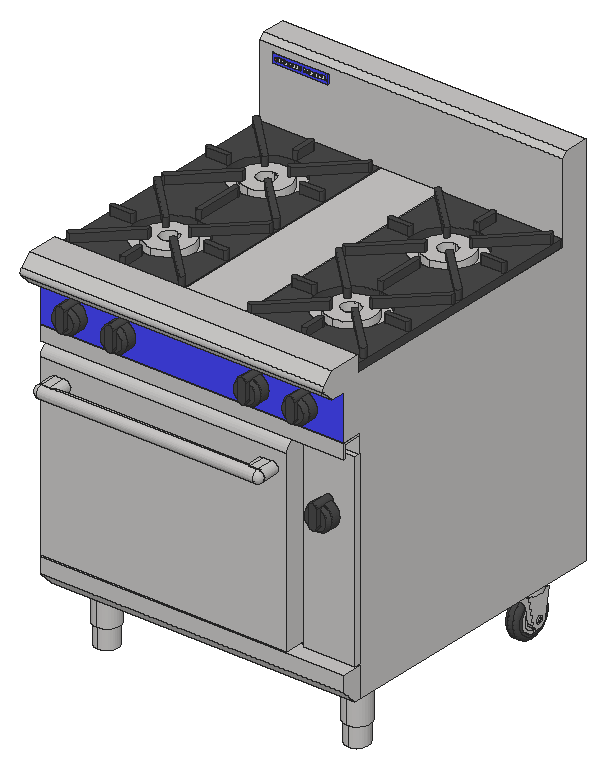
Revit family "QF_MOFFAT_BLUESEAL_CE_G505D", category Specialty Equipment, Revit 2012
Parameters
  Width = 750 mm  # constant formula
  Weight in Pounds = 401
  URL Cutsheet = "www.moffat.com"
  URL = "www.moffat.com"
  Type Mark [instance] = ""
  Status [instance] = ""
  Specification by User [instance] = ""
  Specification by Manufacturer = ""
  Show Logo [instance] = yes
  Show Clearance [instance] = yes
  Show Casters [instance] = yes
  Serial Number = ""
  Seismic Rating = ""
  SMACNA No = ""
  Revision Code [instance] = ""
  Omniclass Number and Title = ""
  NAFEM Spec ID Number = ""
  Model = "G505D"
  Mechanical Remarks [instance] = ""
  Mechanical Connection Type [instance] = ""
  Masterspec = ""
  Manufacturer = "MOFFAT BLUESEAL"
  Legs [instance] = not(Show Casters)  # no
  Item Number [instance] = ""
  Installed By [instance] = ""
  Identify Quantity as Lot [instance] = yes
  Height = 1085 mm  # constant formula
  Gas Size = 3/4"
  Gas RI Height [instance] = 0 mm
  Gas KW [instance] = 37
  Gas Input [instance] = 126000.0 Btu/h
  Gas Connection Height = 0 mm
  Furnished By [instance] = ""
  Foodservice Equipment Identifier [instance] = yes
  Description = "750MM GAS RANGE WITH STATIC OVEN"
  Depth = 812 mm  # constant formula
  CSI MasterFormat = ""
  CSI Master Format = ""
Reference planes
  plane 1 "BACK": y = 0
  plane 2: z = 0
  plane 3 "LEFT": x = 0
  plane 4 "RIGHT": x = 750
  plane 5 "FRONT": y = -812
  plane 6 "TOP": z = 970
  plane 7 "Center Y": x = 375
  plane 8 "Center X": y = -406
  plane 9: y = -100
  plane 10 "Base Height": z = 150
  plane 11: x = 65.8
  plane 12: x = 620
  plane 13: x = 685
  plane 14: x = 684.2
  plane 15: y = -500
  plane 16: x = 676
  plane 17: z = 1085
Forms (mm)
  Extrusion 1, solid, material "QF_Finishes_Stainless Steel"
    sketch origin (0, 0, 0) x (0, 1, 0) y (0, 0, 1)
      loop
        line (-784.97, 850) -> (-749, 850) -> (-749, 740) -> (-699, 740) -> (-699, 150) -> (0, 150) -> (0, 1085) -> (-57.5, 1085) -> (-70, 1072.5) -> (-70, 875) -> (-705, 875) -> (-705, 915) -> (-783.97, 915) -> (-808.469, 890.501)
        arc (-808.469, 890.501) -> (-811.99, 882) -> (-808.469, 873.499) r 12.022
        line (-808.469, 873.499) -> (-784.97, 850)
    from 0 to 750
  Extrusion 2, solid, material "QF_Finishes_Stainless Steel"
    sketch origin (555.062, 3, 100) x (1, 0, 0) y (0, 1, 0)
      loop
        circle (65, -35) r 13.5
    from 555 to 640
  Revolve 3, solid, material "QF_Finishes_Stainless Steel"
    sketch origin (65, -728, 0) x (0, 1, 0) y (0, 0, 1)
      loop
        line (71.25, 150) -> (71.25, 50) -> (75.5, 50) -> (75.5, 0) -> (103, 0) -> (103, 150) -> (71.25, 150)
      axis (103, 150) -> (103, 0)
    angle from 0 to 360
  Extrusion 4, solid, material "QF_Finishes_Black"
    sketch origin (0, -70, 875) x (0, -1, 0) y (1, 0, 0)
      loop
        arc (1, 4) -> (1.879, 1.879) -> (4, 1) r 3
        line (4, 1) -> (632, 1)
        arc (632, 1) -> (634.121, 1.879) -> (635, 4) r 3
        line (635, 4) -> (635, 297)
        arc (635, 297) -> (634.121, 299.121) -> (632, 300) r 3
        line (632, 300) -> (4, 300)
        arc (4, 300) -> (1.879, 299.121) -> (1, 297) r 3
        line (1, 297) -> (1, 4)
      loop
        circle (167.5, 150) r 85
      loop
        circle (467.768, 150) r 85
    from 0 to 19.5
  Extrusion 5, solid, material "QF_Finishes_Black"
    sketch origin (0, -73.5, 894.5) x (0, -1, 0) y (1, 0, 0)
      loop
        spline (323.602, 15.153) -> (322.681, 13.924) -> (322.131, 12.47) -> (321.99, 10.89) -> (322.267, 9.292) -> (322.943, 7.786) -> (323.973, 6.473) -> (325.286, 5.443) -> (326.792, 4.767) -> (328.39, 4.49) -> (329.97, 4.631) -> (331.424, 5.181) -> (332.653, 6.102)
        line (332.653, 6.102) -> (440.576, 114.025)
        spline (440.576, 114.025) -> (441.337, 115.095) -> (441.738, 116.399) -> (441.751, 117.851) -> (441.375, 119.35) -> (440.637, 120.795) -> (439.586, 122.086) -> (438.295, 123.137) -> (436.85, 123.875) -> (435.351, 124.251) -> (433.899, 124.238) -> (432.595, 123.837) -> (431.525, 123.076)
        line (431.525, 123.076) -> (323.602, 15.153)
      loop
        spline (371.852, 143.6) -> (373.146, 143.818) -> (374.352, 144.457) -> (375.388, 145.475) -> (376.182, 146.8) -> (376.682, 148.344) -> (376.852, 150) -> (376.682, 151.656) -> (376.182, 153.2) -> (375.388, 154.525) -> (374.352, 155.543) -> (373.146, 156.182) -> (371.852, 156.4)
        line (371.852, 156.4) -> (259.398, 156.4)
        spline (259.398, 156.4) -> (258.104, 156.182) -> (256.898, 155.543) -> (255.862, 154.525) -> (255.068, 153.2) -> (254.568, 151.656) -> (254.398, 150) -> (254.568, 148.344) -> (255.068, 146.8) -> (255.862, 145.475) -> (256.898, 144.457) -> (258.104, 143.818) -> (259.398, 143.6)
        line (259.398, 143.6) -> (371.852, 143.6)
      loop
        line (311.398, 15.153) -> (203.475, 123.076)
        spline (203.475, 123.076) -> (202.405, 123.837) -> (201.101, 124.238) -> (199.649, 124.251) -> (198.15, 123.875) -> (196.705, 123.137) -> (195.414, 122.086) -> (194.363, 120.795) -> (193.625, 119.35) -> (193.249, 117.851) -> (193.262, 116.399) -> (193.663, 115.095) -> (194.424, 114.025)
        line (194.424, 114.025) -> (302.347, 6.102)
        spline (302.347, 6.102) -> (303.416, 5.341) -> (304.721, 4.941) -> (306.172, 4.928) -> (307.671, 5.303) -> (309.116, 6.041) -> (310.408, 7.092) -> (311.459, 8.384) -> (312.197, 9.829) -> (312.572, 11.328) -> (312.559, 12.779) -> (312.159, 14.084) -> (311.398, 15.153)
      loop
        line (323.602, 284.847) -> (431.525, 176.924)
        spline (431.525, 176.924) -> (432.595, 176.163) -> (433.899, 175.762) -> (435.351, 175.749) -> (436.85, 176.125) -> (438.295, 176.863) -> (439.586, 177.914) -> (440.637, 179.205) -> (441.375, 180.65) -> (441.751, 182.149) -> (441.738, 183.601) -> (441.337, 184.905) -> (440.576, 185.975)
        line (440.576, 185.975) -> (332.653, 293.898)
        spline (332.653, 293.898) -> (331.424, 294.819) -> (329.97, 295.369) -> (328.39, 295.51) -> (326.792, 295.233) -> (325.286, 294.557) -> (323.973, 293.527) -> (322.943, 292.214) -> (322.267, 290.708) -> (321.99, 289.11) -> (322.131, 287.53) -> (322.681, 286.076) -> (323.602, 284.847)
      loop
        spline (311.398, 284.847) -> (312.159, 285.916) -> (312.559, 287.221) -> (312.572, 288.672) -> (312.197, 290.171) -> (311.459, 291.616) -> (310.408, 292.908) -> (309.116, 293.959) -> (307.671, 294.697) -> (306.172, 295.072) -> (304.721, 295.059) -> (303.416, 294.659) -> (302.347, 293.898)
        line (302.347, 293.898) -> (194.424, 185.975)
        spline (194.424, 185.975) -> (193.663, 184.905) -> (193.262, 183.601) -> (193.249, 182.149) -> (193.625, 180.65) -> (194.363, 179.205) -> (195.414, 177.914) -> (196.705, 176.863) -> (198.15, 176.125) -> (199.649, 175.749) -> (201.101, 175.762) -> (202.405, 176.163) -> (203.475, 176.924)
        line (203.475, 176.924) -> (311.398, 284.847)
      loop
        spline (73.549, 143.6) -> (74.844, 143.818) -> (76.049, 144.457) -> (77.085, 145.475) -> (77.88, 146.8) -> (78.379, 148.344) -> (78.549, 150) -> (78.379, 151.656) -> (77.88, 153.2) -> (77.085, 154.525) -> (76.049, 155.543) -> (74.844, 156.182) -> (73.549, 156.4)
        line (73.549, 156.4) -> (25.093, 156.4)
        spline (25.093, 156.4) -> (23.799, 156.182) -> (22.593, 155.543) -> (21.558, 154.525) -> (20.763, 153.2) -> (20.264, 151.656) -> (20.093, 150) -> (20.264, 148.344) -> (20.763, 146.8) -> (21.558, 145.475) -> (22.593, 144.457) -> (23.799, 143.818) -> (25.093, 143.6)
        line (25.093, 143.6) -> (73.549, 143.6)
      loop
        spline (608.1, 143.6) -> (609.394, 143.818) -> (610.6, 144.457) -> (611.636, 145.475) -> (612.43, 146.8) -> (612.93, 148.344) -> (613.1, 150) -> (612.93, 151.656) -> (612.43, 153.2) -> (611.636, 154.525) -> (610.6, 155.543) -> (609.394, 156.182) -> (608.1, 156.4)
        line (608.1, 156.4) -> (558.644, 156.4)
        spline (558.644, 156.4) -> (557.35, 156.182) -> (556.144, 155.543) -> (555.108, 154.525) -> (554.314, 153.2) -> (553.814, 151.656) -> (553.644, 150) -> (553.814, 148.344) -> (554.314, 146.8) -> (555.108, 145.475) -> (556.144, 144.457) -> (557.35, 143.818) -> (558.644, 143.6)
        line (558.644, 143.6) -> (608.1, 143.6)
      loop
        spline (457.6, 10.156) -> (457.818, 8.862) -> (458.457, 7.656) -> (459.475, 6.62) -> (460.8, 5.826) -> (462.344, 5.326) -> (464, 5.156) -> (465.656, 5.326) -> (467.2, 5.826) -> (468.525, 6.62) -> (469.543, 7.656) -> (470.182, 8.862) -> (470.4, 10.156)
        line (470.4, 10.156) -> (470.4, 58.612)
        spline (470.4, 58.612) -> (470.182, 59.906) -> (469.543, 61.112) -> (468.525, 62.148) -> (467.2, 62.942) -> (465.656, 63.442) -> (464, 63.612) -> (462.344, 63.442) -> (460.8, 62.942) -> (459.475, 62.148) -> (458.457, 61.112) -> (457.818, 59.906) -> (457.6, 58.612)
        line (457.6, 58.612) -> (457.6, 10.156)
      loop
        spline (160.966, 10.156) -> (161.184, 8.862) -> (161.823, 7.656) -> (162.841, 6.62) -> (164.166, 5.826) -> (165.71, 5.326) -> (167.366, 5.156) -> (169.022, 5.326) -> (170.566, 5.826) -> (171.892, 6.62) -> (172.909, 7.656) -> (173.548, 8.862) -> (173.766, 10.156)
        line (173.766, 10.156) -> (173.766, 58.612)
        spline (173.766, 58.612) -> (173.548, 59.906) -> (172.909, 61.112) -> (171.892, 62.148) -> (170.566, 62.942) -> (169.022, 63.442) -> (167.366, 63.612) -> (165.71, 63.442) -> (164.166, 62.942) -> (162.841, 62.148) -> (161.823, 61.112) -> (161.184, 59.906) -> (160.966, 58.612)
        line (160.966, 58.612) -> (160.966, 10.156)
      loop
        spline (457.6, 241.636) -> (457.818, 240.342) -> (458.457, 239.136) -> (459.475, 238.1) -> (460.8, 237.306) -> (462.344, 236.806) -> (464, 236.636) -> (465.656, 236.806) -> (467.2, 237.306) -> (468.525, 238.1) -> (469.543, 239.136) -> (470.182, 240.342) -> (470.4, 241.636)
        line (470.4, 241.636) -> (470.4, 290.092)
        spline (470.4, 290.092) -> (470.182, 291.386) -> (469.543, 292.592) -> (468.525, 293.628) -> (467.2, 294.422) -> (465.656, 294.922) -> (464, 295.092) -> (462.344, 294.922) -> (460.8, 294.422) -> (459.475, 293.628) -> (458.457, 292.592) -> (457.818, 291.386) -> (457.6, 290.092)
        line (457.6, 290.092) -> (457.6, 241.636)
      loop
        spline (160.966, 241.636) -> (161.184, 240.342) -> (161.823, 239.136) -> (162.841, 238.1) -> (164.166, 237.306) -> (165.71, 236.806) -> (167.366, 236.636) -> (169.022, 236.806) -> (170.566, 237.306) -> (171.892, 238.1) -> (172.909, 239.136) -> (173.548, 240.342) -> (173.766, 241.636)
        line (173.766, 241.636) -> (173.766, 290.092)
        spline (173.766, 290.092) -> (173.548, 291.386) -> (172.909, 292.592) -> (171.892, 293.628) -> (170.566, 294.422) -> (169.022, 294.922) -> (167.366, 295.092) -> (165.71, 294.922) -> (164.166, 294.422) -> (162.841, 293.628) -> (161.823, 292.592) -> (161.184, 291.386) -> (160.966, 290.092)
        line (160.966, 290.092) -> (160.966, 241.636)
      loop
        line (323.602, 734.847) -> (431.525, 626.924)
        spline (431.525, 626.924) -> (432.595, 626.163) -> (433.899, 625.762) -> (435.351, 625.749) -> (436.85, 626.125) -> (438.295, 626.863) -> (439.586, 627.914) -> (440.637, 629.205) -> (441.375, 630.65) -> (441.751, 632.149) -> (441.738, 633.601) -> (441.337, 634.905) -> (440.576, 635.975)
        line (440.576, 635.975) -> (332.653, 743.898)
        spline (332.653, 743.898) -> (331.424, 744.819) -> (329.97, 745.369) -> (328.39, 745.51) -> (326.792, 745.233) -> (325.286, 744.557) -> (323.973, 743.527) -> (322.943, 742.214) -> (322.267, 740.708) -> (321.99, 739.11) -> (322.131, 737.53) -> (322.681, 736.076) -> (323.602, 734.847)
      loop
        line (371.852, 606.4) -> (259.398, 606.4)
        spline (259.398, 606.4) -> (258.104, 606.182) -> (256.898, 605.543) -> (255.862, 604.525) -> (255.068, 603.2) -> (254.568, 601.656) -> (254.398, 600) -> (254.568, 598.344) -> (255.068, 596.8) -> (255.862, 595.475) -> (256.898, 594.457) -> (258.104, 593.818) -> (259.398, 593.6)
        line (259.398, 593.6) -> (371.852, 593.6)
        spline (371.852, 593.6) -> (373.146, 593.818) -> (374.352, 594.457) -> (375.388, 595.475) -> (376.182, 596.8) -> (376.682, 598.344) -> (376.852, 600) -> (376.682, 601.656) -> (376.182, 603.2) -> (375.388, 604.525) -> (374.352, 605.543) -> (373.146, 606.182) -> (371.852, 606.4)
      loop
        spline (311.398, 734.847) -> (312.159, 735.916) -> (312.559, 737.221) -> (312.572, 738.672) -> (312.197, 740.171) -> (311.459, 741.616) -> (310.408, 742.908) -> (309.116, 743.959) -> (307.671, 744.697) -> (306.172, 745.072) -> (304.721, 745.059) -> (303.416, 744.659) -> (302.347, 743.898)
        line (302.347, 743.898) -> (194.424, 635.975)
        spline (194.424, 635.975) -> (193.663, 634.905) -> (193.262, 633.601) -> (193.249, 632.149) -> (193.625, 630.65) -> (194.363, 629.205) -> (195.414, 627.914) -> (196.705, 626.863) -> (198.15, 626.125) -> (199.649, 625.749) -> (201.101, 625.762) -> (202.405, 626.163) -> (203.475, 626.924)
        line (203.475, 626.924) -> (311.398, 734.847)
      loop
        spline (323.602, 465.153) -> (322.681, 463.924) -> (322.131, 462.47) -> (321.99, 460.89) -> (322.267, 459.292) -> (322.943, 457.786) -> (323.973, 456.473) -> (325.286, 455.443) -> (326.792, 454.767) -> (328.39, 454.49) -> (329.97, 454.631) -> (331.424, 455.181) -> (332.653, 456.102)
        line (332.653, 456.102) -> (440.576, 564.025)
        spline (440.576, 564.025) -> (441.337, 565.095) -> (441.738, 566.399) -> (441.751, 567.851) -> (441.375, 569.35) -> (440.637, 570.795) -> (439.586, 572.086) -> (438.295, 573.137) -> (436.85, 573.875) -> (435.351, 574.251) -> (433.899, 574.238) -> (432.595, 573.837) -> (431.525, 573.076)
        line (431.525, 573.076) -> (323.602, 465.153)
      loop
        line (311.398, 465.153) -> (203.475, 573.076)
        spline (203.475, 573.076) -> (202.405, 573.837) -> (201.101, 574.238) -> (199.649, 574.251) -> (198.15, 573.875) -> (196.705, 573.137) -> (195.414, 572.086) -> (194.363, 570.795) -> (193.625, 569.35) -> (193.249, 567.851) -> (193.262, 566.399) -> (193.663, 565.095) -> (194.424, 564.025)
        line (194.424, 564.025) -> (302.347, 456.102)
        spline (302.347, 456.102) -> (303.416, 455.341) -> (304.721, 454.941) -> (306.172, 454.928) -> (307.671, 455.303) -> (309.116, 456.041) -> (310.408, 457.092) -> (311.459, 458.384) -> (312.197, 459.829) -> (312.572, 461.328) -> (312.559, 462.779) -> (312.159, 464.084) -> (311.398, 465.153)
      loop
        line (73.549, 606.4) -> (25.093, 606.4)
        spline (25.093, 606.4) -> (23.799, 606.182) -> (22.593, 605.543) -> (21.558, 604.525) -> (20.763, 603.2) -> (20.264, 601.656) -> (20.093, 600) -> (20.264, 598.344) -> (20.763, 596.8) -> (21.558, 595.475) -> (22.593, 594.457) -> (23.799, 593.818) -> (25.093, 593.6)
        line (25.093, 593.6) -> (73.549, 593.6)
        spline (73.549, 593.6) -> (74.844, 593.818) -> (76.049, 594.457) -> (77.085, 595.475) -> (77.88, 596.8) -> (78.379, 598.344) -> (78.549, 600) -> (78.379, 601.656) -> (77.88, 603.2) -> (77.085, 604.525) -> (76.049, 605.543) -> (74.844, 606.182) -> (73.549, 606.4)
      loop
        line (608.1, 606.4) -> (558.644, 606.4)
        spline (558.644, 606.4) -> (557.35, 606.182) -> (556.144, 605.543) -> (555.108, 604.525) -> (554.314, 603.2) -> (553.814, 601.656) -> (553.644, 600) -> (553.814, 598.344) -> (554.314, 596.8) -> (555.108, 595.475) -> (556.144, 594.457) -> (557.35, 593.818) -> (558.644, 593.6)
        line (558.644, 593.6) -> (608.1, 593.6)
        spline (608.1, 593.6) -> (609.394, 593.818) -> (610.6, 594.457) -> (611.636, 595.475) -> (612.43, 596.8) -> (612.93, 598.344) -> (613.1, 600) -> (612.93, 601.656) -> (612.43, 603.2) -> (611.636, 604.525) -> (610.6, 605.543) -> (609.394, 606.182) -> (608.1, 606.4)
      loop
        line (457.6, 739.844) -> (457.6, 691.388)
        spline (457.6, 691.388) -> (457.818, 690.094) -> (458.457, 688.888) -> (459.475, 687.852) -> (460.8, 687.058) -> (462.344, 686.558) -> (464, 686.388) -> (465.656, 686.558) -> (467.2, 687.058) -> (468.525, 687.852) -> (469.543, 688.888) -> (470.182, 690.094) -> (470.4, 691.388)
        line (470.4, 691.388) -> (470.4, 739.844)
        spline (470.4, 739.844) -> (470.182, 741.138) -> (469.543, 742.344) -> (468.525, 743.38) -> (467.2, 744.174) -> (465.656, 744.674) -> (464, 744.844) -> (462.344, 744.674) -> (460.8, 744.174) -> (459.475, 743.38) -> (458.457, 742.344) -> (457.818, 741.138) -> (457.6, 739.844)
      loop
        line (160.966, 739.844) -> (160.966, 691.388)
        spline (160.966, 691.388) -> (161.184, 690.094) -> (161.823, 688.888) -> (162.841, 687.852) -> (164.166, 687.058) -> (165.71, 686.558) -> (167.366, 686.388) -> (169.022, 686.558) -> (170.566, 687.058) -> (171.892, 687.852) -> (172.909, 688.888) -> (173.548, 690.094) -> (173.766, 691.388)
        line (173.766, 691.388) -> (173.766, 739.844)
        spline (173.766, 739.844) -> (173.548, 741.138) -> (172.909, 742.344) -> (171.892, 743.38) -> (170.566, 744.174) -> (169.022, 744.674) -> (167.366, 744.844) -> (165.71, 744.674) -> (164.166, 744.174) -> (162.841, 743.38) -> (161.823, 742.344) -> (161.184, 741.138) -> (160.966, 739.844)
      loop
        line (457.6, 508.364) -> (457.6, 459.908)
        spline (457.6, 459.908) -> (457.818, 458.614) -> (458.457, 457.408) -> (459.475, 456.372) -> (460.8, 455.578) -> (462.344, 455.078) -> (464, 454.908) -> (465.656, 455.078) -> (467.2, 455.578) -> (468.525, 456.372) -> (469.543, 457.408) -> (470.182, 458.614) -> (470.4, 459.908)
        line (470.4, 459.908) -> (470.4, 508.364)
        spline (470.4, 508.364) -> (470.182, 509.658) -> (469.543, 510.864) -> (468.525, 511.9) -> (467.2, 512.694) -> (465.656, 513.194) -> (464, 513.364) -> (462.344, 513.194) -> (460.8, 512.694) -> (459.475, 511.9) -> (458.457, 510.864) -> (457.818, 509.658) -> (457.6, 508.364)
      loop
        line (160.966, 508.364) -> (160.966, 459.908)
        spline (160.966, 459.908) -> (161.184, 458.614) -> (161.823, 457.408) -> (162.841, 456.372) -> (164.166, 455.578) -> (165.71, 455.078) -> (167.366, 454.908) -> (169.022, 455.078) -> (170.566, 455.578) -> (171.892, 456.372) -> (172.909, 457.408) -> (173.548, 458.614) -> (173.766, 459.908)
        line (173.766, 459.908) -> (173.766, 508.364)
        spline (173.766, 508.364) -> (173.548, 509.658) -> (172.909, 510.864) -> (171.892, 511.9) -> (170.566, 512.694) -> (169.022, 513.194) -> (167.366, 513.364) -> (165.71, 513.194) -> (164.166, 512.694) -> (162.841, 511.9) -> (161.823, 510.864) -> (161.184, 509.658) -> (160.966, 508.364)
      loop
        spline (604.398, 734.847) -> (605.319, 736.076) -> (605.869, 737.53) -> (606.01, 739.11) -> (605.733, 740.708) -> (605.057, 742.214) -> (604.027, 743.527) -> (602.714, 744.557) -> (601.208, 745.233) -> (599.61, 745.51) -> (598.03, 745.369) -> (596.576, 744.819) -> (595.347, 743.898)
        line (595.347, 743.898) -> (487.424, 635.975)
        spline (487.424, 635.975) -> (486.663, 634.905) -> (486.262, 633.601) -> (486.249, 632.149) -> (486.625, 630.65) -> (487.363, 629.205) -> (488.414, 627.914) -> (489.705, 626.863) -> (491.15, 626.125) -> (492.649, 625.749) -> (494.101, 625.762) -> (495.405, 626.163) -> (496.475, 626.924)
        line (496.475, 626.924) -> (604.398, 734.847)
      loop
        line (604.398, 465.153) -> (496.475, 573.076)
        spline (496.475, 573.076) -> (495.405, 573.837) -> (494.101, 574.238) -> (492.649, 574.251) -> (491.15, 573.875) -> (489.705, 573.137) -> (488.414, 572.086) -> (487.363, 570.795) -> (486.625, 569.35) -> (486.249, 567.851) -> (486.262, 566.399) -> (486.663, 565.095) -> (487.424, 564.025)
        line (487.424, 564.025) -> (595.347, 456.102)
        spline (595.347, 456.102) -> (596.576, 455.181) -> (598.03, 454.631) -> (599.61, 454.49) -> (601.208, 454.767) -> (602.714, 455.443) -> (604.027, 456.473) -> (605.057, 457.786) -> (605.733, 459.292) -> (606.01, 460.89) -> (605.869, 462.47) -> (605.319, 463.924) -> (604.398, 465.153)
      loop
        line (604.398, 15.153) -> (496.475, 123.076)
        spline (496.475, 123.076) -> (495.405, 123.837) -> (494.101, 124.238) -> (492.649, 124.251) -> (491.15, 123.875) -> (489.705, 123.137) -> (488.414, 122.086) -> (487.363, 120.795) -> (486.625, 119.35) -> (486.249, 117.851) -> (486.262, 116.399) -> (486.663, 115.095) -> (487.424, 114.025)
        line (487.424, 114.025) -> (595.347, 6.102)
        spline (595.347, 6.102) -> (596.576, 5.181) -> (598.03, 4.631) -> (599.61, 4.49) -> (601.208, 4.767) -> (602.714, 5.443) -> (604.027, 6.473) -> (605.057, 7.786) -> (605.733, 9.292) -> (606.01, 10.89) -> (605.869, 12.47) -> (605.319, 13.924) -> (604.398, 15.153)
      loop
        spline (604.398, 284.847) -> (605.319, 286.076) -> (605.869, 287.53) -> (606.01, 289.11) -> (605.733, 290.708) -> (605.057, 292.214) -> (604.027, 293.527) -> (602.714, 294.557) -> (601.208, 295.233) -> (599.61, 295.51) -> (598.03, 295.369) -> (596.576, 294.819) -> (595.347, 293.898)
        line (595.347, 293.898) -> (487.424, 185.975)
        spline (487.424, 185.975) -> (486.663, 184.905) -> (486.262, 183.601) -> (486.249, 182.149) -> (486.625, 180.65) -> (487.363, 179.205) -> (488.414, 177.914) -> (489.705, 176.863) -> (491.15, 176.125) -> (492.649, 175.749) -> (494.101, 175.762) -> (495.405, 176.163) -> (496.475, 176.924)
        line (496.475, 176.924) -> (604.398, 284.847)
      loop
        line (16.602, 734.847) -> (124.525, 626.924)
        spline (124.525, 626.924) -> (125.595, 626.163) -> (126.899, 625.762) -> (128.351, 625.749) -> (129.85, 626.125) -> (131.295, 626.863) -> (132.586, 627.914) -> (133.637, 629.205) -> (134.375, 630.65) -> (134.751, 632.149) -> (134.738, 633.601) -> (134.337, 634.905) -> (133.576, 635.975)
        line (133.576, 635.975) -> (25.653, 743.898)
        spline (25.653, 743.898) -> (24.584, 744.659) -> (23.279, 745.059) -> (21.828, 745.072) -> (20.329, 744.697) -> (18.884, 743.959) -> (17.592, 742.908) -> (16.541, 741.616) -> (15.803, 740.171) -> (15.428, 738.672) -> (15.441, 737.221) -> (15.841, 735.916) -> (16.602, 734.847)
      loop
        spline (16.602, 465.153) -> (15.841, 464.084) -> (15.441, 462.779) -> (15.428, 461.328) -> (15.803, 459.829) -> (16.541, 458.384) -> (17.592, 457.092) -> (18.884, 456.041) -> (20.329, 455.303) -> (21.828, 454.928) -> (23.279, 454.941) -> (24.584, 455.341) -> (25.653, 456.102)
        line (25.653, 456.102) -> (133.576, 564.025)
        spline (133.576, 564.025) -> (134.337, 565.095) -> (134.738, 566.399) -> (134.751, 567.851) -> (134.375, 569.35) -> (133.637, 570.795) -> (132.586, 572.086) -> (131.295, 573.137) -> (129.85, 573.875) -> (128.351, 574.251) -> (126.899, 574.238) -> (125.595, 573.837) -> (124.525, 573.076)
        line (124.525, 573.076) -> (16.602, 465.153)
      loop
        spline (16.602, 15.153) -> (15.841, 14.084) -> (15.441, 12.779) -> (15.428, 11.328) -> (15.803, 9.829) -> (16.541, 8.384) -> (17.592, 7.092) -> (18.884, 6.041) -> (20.329, 5.303) -> (21.828, 4.928) -> (23.279, 4.941) -> (24.584, 5.341) -> (25.653, 6.102)
        line (25.653, 6.102) -> (133.576, 114.025)
        spline (133.576, 114.025) -> (134.337, 115.095) -> (134.738, 116.399) -> (134.751, 117.851) -> (134.375, 119.35) -> (133.637, 120.795) -> (132.586, 122.086) -> (131.295, 123.137) -> (129.85, 123.875) -> (128.351, 124.251) -> (126.899, 124.238) -> (125.595, 123.837) -> (124.525, 123.076)
        line (124.525, 123.076) -> (16.602, 15.153)
      loop
        line (16.602, 284.847) -> (124.525, 176.924)
        spline (124.525, 176.924) -> (125.595, 176.163) -> (126.899, 175.762) -> (128.351, 175.749) -> (129.85, 176.125) -> (131.295, 176.863) -> (132.586, 177.914) -> (133.637, 179.205) -> (134.375, 180.65) -> (134.751, 182.149) -> (134.738, 183.601) -> (134.337, 184.905) -> (133.576, 185.975)
        line (133.576, 185.975) -> (25.653, 293.898)
        spline (25.653, 293.898) -> (24.584, 294.659) -> (23.279, 295.059) -> (21.828, 295.072) -> (20.329, 294.697) -> (18.884, 293.959) -> (17.592, 292.908) -> (16.541, 291.616) -> (15.803, 290.171) -> (15.428, 288.672) -> (15.441, 287.221) -> (15.841, 285.916) -> (16.602, 284.847)
    from 0 to 20.5
  Revolve 6, solid, material "QF_Finishes_Stainless Steel"
    sketch origin (685, -728, 0) x (0, 1, 0) y (0, 0, -1)
      loop
        line (71.25, -150) -> (103, -150) -> (103, 0) -> (75.5, 0) -> (75.5, -50) -> (71.25, -50) -> (71.25, -150)
      axis (103, -150) -> (103, 0)
    angle from 0 to 360
  Extrusion 7, solid, material "QF_Finishes_Stainless Steel"
    sketch origin (0, -70, 875) x (0, -1, 0) y (1, 0, 0)
      loop
        line (634, 300) -> (634, 450) -> (0, 450) -> (0, 300) -> (634, 300)
    from 0 to 19.5
  Extrusion 8, void
    sketch origin (0, -749, 227.5) x (0, 0, -1) y (-1, 0, 0)
      loop
        line (-465, -610) -> (-465, -625) -> (0, -625) -> (0, -610) -> (-465, -610)
    from -7 to 50
  Extrusion 9, solid, material "QF_Finishes_Black"
    sketch origin (750, -70, 875) x (0, -1, 0) y (1, 0, 0)
      loop
        line (1, -4) -> (1, -297)
        arc (1, -297) -> (1.879, -299.121) -> (4, -300) r 3
        line (4, -300) -> (632, -300)
        arc (632, -300) -> (634.121, -299.121) -> (635, -297) r 3
        line (635, -297) -> (635, -4)
        arc (635, -4) -> (634.121, -1.879) -> (632, -1) r 3
        line (632, -1) -> (4, -1)
        arc (4, -1) -> (1.879, -1.879) -> (1, -4) r 3
      loop
        circle (167.5, -150) r 85
      loop
        circle (467.768, -150) r 85
    from 0 to 19.5
  Revolve 10, solid, material "QF_Finishes_Black"
    sketch origin (210, 7, 758.895) x (0, -1, 0) y (0, 0, 1)
      loop
        line (789, 69.605) -> (766, 69.605) -> (766, 42.105) -> (756, 42.105) -> (756, 37.105) -> (800, 37.105) -> (800, 63.757) -> (789, 69.605)
      axis (800, 37.105) -> (756, 37.105)
    angle from 0 to 360
  Revolve 11, solid, material "QF_Finishes_Black"
    sketch origin (89.999, 7, 758.768) x (0, 1, 0) y (0, 0, -1)
      loop
        line (-789, -69.5) -> (-766, -69.5) -> (-766, -42) -> (-756, -42) -> (-756, -37) -> (-800, -37) -> (-800, -63.651) -> (-789, -69.5)
      axis (-800, -37) -> (-756, -37)
    angle from 0 to 360
  Extrusion 12, solid, material "QF_Finishes_Black"
    sketch origin (228.269, 7, 758.926) x (-1, 0, 0) y (0, 0, -1)
      loop
        arc (148.269, -24.969) -> (138.269, -14.969) -> (128.269, -24.969) r 10
        line (128.269, -24.969) -> (128.269, -63.969)
        arc (128.269, -63.969) -> (138.269, -73.969) -> (148.269, -63.969) r 10
        line (148.269, -63.969) -> (148.269, -24.969)
    from 759 to 808
  Extrusion 13, solid, material "QF_Finishes_Black"
    sketch origin (349.45, 7, 758.926) x (-1, 0, 0) y (0, 0, -1)
      loop
        arc (148.269, -24.969) -> (138.269, -14.969) -> (128.269, -24.969) r 10
        line (128.269, -24.969) -> (128.269, -63.969)
        arc (128.269, -63.969) -> (138.269, -73.969) -> (148.269, -63.969) r 10
        line (148.269, -63.969) -> (148.269, -24.969)
    from 759 to 808
  Revolve 14, solid, material "QF_Finishes_Black"
    sketch origin (540, 7, 758.895) x (0, -1, 0) y (0, 0, -1)
      loop
        line (789, -69.605) -> (800, -63.757) -> (800, -37.105) -> (756, -37.105) -> (756, -42.105) -> (766, -42.105) -> (766, -69.605) -> (789, -69.605)
      axis (800, -37.105) -> (756, -37.105)
    angle from 0 to 360
  Revolve 15, solid, material "QF_Finishes_Black"
    sketch origin (660.001, 7, 758.768) x (0, 1, 0) y (0, 0, 1)
      loop
        line (-789, 69.5) -> (-800, 63.651) -> (-800, 37) -> (-756, 37) -> (-756, 42) -> (-766, 42) -> (-766, 69.5) -> (-789, 69.5)
      axis (-800, 37) -> (-756, 37)
    angle from 0 to 360
  Extrusion 16, solid, material "QF_Finishes_Black"
    sketch origin (521.731, 7, 758.926) x (1, 0, 0) y (0, 0, 1)
      loop
        line (148.269, 24.969) -> (148.269, 63.969)
        arc (148.269, 63.969) -> (138.269, 73.969) -> (128.269, 63.969) r 10
        line (128.269, 63.969) -> (128.269, 24.969)
        arc (128.269, 24.969) -> (138.269, 14.969) -> (148.269, 24.969) r 10
    from 759 to 808
  Extrusion 17, solid, material "QF_Finishes_Black"
    sketch origin (401.731, 7, 758.926) x (1, 0, 0) y (0, 0, 1)
      loop
        line (148.269, 24.969) -> (148.269, 63.969)
        arc (148.269, 63.969) -> (138.269, 73.969) -> (128.269, 63.969) r 10
        line (128.269, 63.969) -> (128.269, 24.969)
        arc (128.269, 24.969) -> (138.269, 14.969) -> (148.269, 24.969) r 10
    from 759 to 808
  Revolve 18, solid, material "QF_Finishes_Black"
    sketch origin (687.53, 42.5, 355.134) x (0, 1, 0) y (0, 0, 1)
      loop
        line (-789, 229.5) -> (-800, 223.651) -> (-800, 197) -> (-756, 197) -> (-756, 202) -> (-766, 202) -> (-766, 229.5) -> (-789, 229.5)
      axis (-800, 197) -> (-756, 197)
    angle from 0 to 360
  Extrusion 19, solid, material "QF_Finishes_Black"
    sketch origin (549.26, 42.5, 355.292) x (1, 0, 0) y (0, 0, 1)
      loop
        line (148.269, 184.969) -> (148.269, 223.969)
        arc (148.269, 223.969) -> (138.269, 233.969) -> (128.269, 223.969) r 10
        line (128.269, 223.969) -> (128.269, 184.969)
        arc (128.269, 184.969) -> (138.269, 174.969) -> (148.269, 184.969) r 10
    from 759 to 808
  Extrusion 20, solid, material "QF_Door-Drawer Clearances", visible <- "Show Clearance", detail levels coarse
    sketch origin (0, 7, 0) x (0, -1, 0) y (0, 0, 1)
      loop
        line (756, 690.016) -> (756, 227.5) -> (1218.516, 227.5)
        arc (1218.516, 227.5) -> (1083.048, 554.548) -> (756, 690.016) r 462.516
    from 0 to -610
  Extrusion 21, void
    sketch origin (0, 0, 150) x (-1, 0, 0) y (0, -1, 0)
      loop
        line (-681, 87.26) -> (-681, -30.24) -> (-551.5, -30.24) -> (-551.5, 38.76) -> (-600, 87.26) -> (-681, 87.26)
    from 72.5 to 590
  Extrusion 22, void
    sketch origin (35, -749, 227.5) x (0, 0, -1) y (-1, 0, 0)
      loop
        line (-472.5, -590) -> (-472.5, -715) -> (0, -715) -> (0, -590) -> (-472.5, -590)
    from -7 to 35
  Extrusion 23, solid, material "QF_Finishes_Stainless Steel"
    sketch origin (0, -70, 875) x (0, -1, 0) y (1, 0, 0)
      loop
        circle (467.5, 600) r 57
      loop
        circle (167.5, 600) r 57
      loop
        circle (467.5, 600) r 22
      loop
        circle (167.5, 600) r 22
      loop
        circle (467.5, 150) r 57
      loop
        circle (167.5, 150) r 57
      loop
        circle (467.5, 150) r 22
      loop
        circle (167.5, 150) r 22
    from 0 to 19.5
  Extrusion 24, solid, material "QF_Finishes_Stainless Steel"
    sketch origin (0, -749, 227.5) x (0, 0, 1) y (-1, 0, 0)
      loop
        line (380.625, -38.246) -> (380.625, -58.528)
        arc (380.625, -58.528) -> (395.625, -73.528) -> (410.625, -58.528) r 15
        line (410.625, -58.528) -> (410.625, -38.246)
        arc (410.625, -38.246) -> (395.625, -23.246) -> (380.625, -38.246) r 15
      loop
        arc (380.625, -573.039) -> (395.625, -588.039) -> (410.625, -573.039) r 15
        line (410.625, -573.039) -> (410.625, -552.757)
        arc (410.625, -552.757) -> (395.625, -537.757) -> (380.625, -552.757) r 15
        line (380.625, -552.757) -> (380.625, -573.039)
    from 0 to 44
  Revolve 25, solid, material "QF_Finishes_Stainless Steel"
    sketch origin (0, -793, 0) x (1, 0, 0) y (0, 0, 1)
      loop
        arc (588.039, 623.125) -> (583.646, 633.732) -> (573.039, 638.125) r 15
        line (573.039, 638.125) -> (38.246, 638.125)
        arc (38.246, 638.125) -> (27.64, 633.732) -> (23.246, 623.125) r 15
        line (23.246, 623.125) -> (588.039, 623.125)
      axis (588.039, 623.125) -> (23.246, 623.125)
    angle from 0 to 360
  Extrusion 26, solid, material "QF_Finishes_Stainless Steel"
    sketch origin (0, 7, 0) x (0, 1, 0) y (0, 0, 1)
      loop
        line (-706, 227.5) -> (-706, 692.5) -> (-729.805, 692.5)
        arc (-729.805, 692.5) -> (-748.328, 684.828) -> (-756, 666.305) r 26.195
        line (-756, 666.305) -> (-756, 227.5) -> (-706, 227.5)
    from 0 to 750
  Extrusion 27, solid, material "QF_Finishes_Stainless Steel"
    sketch origin (0, 7, 0) x (0, 1, 0) y (0, 0, 1)
      loop
        line (-756, 738) -> (-756, 703) -> (-752.98, 703) -> (-752.98, 735) -> (-708, 735) -> (-708, 738) -> (-756, 738)
    from 0 to 750
  Extrusion 28, solid, material "QF_Finishes_Stainless Steel"
    sketch origin (0, 7, 0) x (0, 1, 0) y (0, 0, 1)
      loop
        line (-706, 222.5) -> (-756, 222.5) -> (-756, 186) -> (-720, 150) -> (-706, 150) -> (-706, 222.5)
    from 0 to 750
  Extrusion 29, solid, material "QF_Finishes_Stainless Steel", visible <- "Show Casters"
    sketch origin (71.501, 133.353, -8.783) x (0, 1, 0) y (0, 0, 1)
      loop
        line (-201.603, 118.783) -> (-265.103, 118.783) -> (-252.746, 53.895)
        arc (-252.746, 53.895) -> (-233.353, 38.783) -> (-213.959, 53.895) r 20
        line (-213.959, 53.895) -> (-201.603, 118.783)
    from -35.667 to 22.923
  Revolve 30, solid, material "QF_Finishes_Stainless Steel", visible <- "Show Casters"
    sketch origin (65, -203, 0) x (0, 1, 0) y (0, 0, 1)
      loop
        line (67.25, 150) -> (67.25, 110) -> (103, 110) -> (103, 150) -> (67.25, 150)
      axis (103, 150) -> (103, 110)
    angle from 0 to 360
  Revolve 31, solid, material "QF_Finishes_Stainless Steel", visible <- "Show Casters"
    sketch origin (685, -203, 0) x (0, 1, 0) y (0, 0, -1)
      loop
        line (67.25, -150) -> (103, -150) -> (103, -110) -> (67.25, -110) -> (67.25, -150)
      axis (103, -150) -> (103, -110)
    angle from 0 to 360
  Revolve 32, solid, material "QF_Finishes_Stainless Steel", visible <- "Show Casters"
    sketch origin (635.776, -99.755, -13.653) x (1, 0, 0) y (0, 0, 1)
      loop
        line (14.841, 64.453) -> (83.584, 64.453) -> (83.584, 67.958) -> (82.314, 69.228) -> (80.79, 69.228) -> (80.79, 72.674) -> (68.644, 72.674) -> (68.644, 82.639) -> (65.088, 84.692) -> (63.738, 93.028) -> (65.881, 93.028) -> (65.881, 99.378) -> (65.088, 99.378) -> (65.088, 105.728)
        arc (65.088, 105.728) -> (62.298, 112.463) -> (55.563, 115.253) r 9.525
        line (55.563, 115.253) -> (42.863, 115.253)
        arc (42.863, 115.253) -> (36.127, 112.463) -> (33.338, 105.728) r 9.525
        line (33.338, 105.728) -> (33.338, 99.378) -> (32.544, 99.378) -> (32.544, 93.028) -> (34.687, 93.028) -> (33.352, 84.781) -> (29.782, 82.719) -> (29.782, 72.674) -> (17.635, 72.674) -> (17.635, 69.228) -> (16.111, 69.228) -> (14.841, 67.958) -> (14.841, 64.453)
      axis (14.841, 64.453) -> (83.584, 64.453)
    angle from 0 to 360
  Extrusion 33, solid, material "QF_Finishes_Stainless Steel", visible <- "Show Casters"
    sketch origin (691.501, 133.353, -8.783) x (0, 1, 0) y (0, 0, 1)
      loop
        line (-201.603, 118.783) -> (-265.103, 118.783) -> (-252.746, 53.895)
        arc (-252.746, 53.895) -> (-233.353, 38.783) -> (-213.959, 53.895) r 20
        line (-213.959, 53.895) -> (-201.603, 118.783)
    from -35.667 to 22.923
  Revolve 34, solid, material "QF_Finishes_Stainless Steel", visible <- "Legs"
    sketch origin (65, -165, 0) x (0, 1, 0) y (0, 0, 1)
      loop
        line (33.25, 150) -> (33.25, 50) -> (37.5, 50) -> (37.5, 0) -> (65, 0) -> (65, 150) -> (33.25, 150)
      axis (65, 150) -> (65, 0)
    angle from 0 to 360
  Revolve 35, solid, material "QF_Finishes_Stainless Steel", visible <- "Legs"
    sketch origin (685, -165, 0) x (0, 1, 0) y (0, 0, -1)
      loop
        line (33.25, -150) -> (65, -150) -> (65, 0) -> (37.5, 0) -> (37.5, -50) -> (33.25, -50) -> (33.25, -150)
      axis (65, -150) -> (65, 0)
    angle from 0 to 360
  Revolve 36, solid, material "QF_Finishes_Stainless Steel", visible <- "Show Casters"
    sketch origin (114.224, -99.755, -13.653) x (-1, 0, 0) y (0, 0, -1)
      loop
        line (14.841, -64.453) -> (14.841, -67.958) -> (16.111, -69.228) -> (17.635, -69.228) -> (17.635, -72.674) -> (29.782, -72.674) -> (29.782, -82.719) -> (33.352, -84.781) -> (34.687, -93.028) -> (32.544, -93.028) -> (32.544, -99.378) -> (33.338, -99.378) -> (33.338, -105.728)
        arc (33.338, -105.728) -> (36.127, -112.463) -> (42.863, -115.253) r 9.525
        line (42.863, -115.253) -> (55.563, -115.253)
        arc (55.563, -115.253) -> (62.298, -112.463) -> (65.088, -105.728) r 9.525
        line (65.088, -105.728) -> (65.088, -99.378) -> (65.881, -99.378) -> (65.881, -93.028) -> (63.738, -93.028) -> (65.088, -84.692) -> (68.644, -82.639) -> (68.644, -72.674) -> (80.79, -72.674) -> (80.79, -69.228) -> (82.314, -69.228) -> (83.584, -67.958) -> (83.584, -64.453) -> (14.841, -64.453)
      axis (14.841, -64.453) -> (83.584, -64.453)
    angle from 0 to 360
Cuts and joins
  Extrusion 8, Extrusion 21, Extrusion 22 cuts Extrusion 1
  Extrusion 8, Extrusion 22 cuts Extrusion 26
Lines and regions (mm)
  Split face 1
    outline origin (0, -70, 894.5) x (0, -1, 0) y (1, 0, 0)
      loop
        circle (45.037, 327.576) r 8
  Split face 2
    outline origin (47.424, -70, 894.5) x (0, -1, 0) y (1, 0, 0)
      loop
        circle (45.037, 327.576) r 8
  Split face 3
    outline origin (750, -70, 894.5) x (0, -1, 0) y (1, 0, 0)
      loop
        circle (45.037, -327.576) r 8
  Split face 4
    outline origin (0, -104, 894.5) x (0, -1, 0) y (1, 0, 0)
      loop
        circle (45.037, 327.576) r 8
  Split face 5
    outline origin (47.424, -104, 894.5) x (0, -1, 0) y (1, 0, 0)
      loop
        circle (45.037, 327.576) r 8
  Split face 6
    outline origin (750, -104, 894.5) x (0, -1, 0) y (1, 0, 0)
      loop
        circle (45.037, -327.576) r 8
  Split face 7
    outline origin (0, -138, 894.5) x (0, -1, 0) y (1, 0, 0)
      loop
        circle (45.037, 327.576) r 8
  Split face 8
    outline origin (47.424, -138, 894.5) x (0, -1, 0) y (1, 0, 0)
      loop
        circle (45.037, 327.576) r 8
  Split face 9
    outline origin (750, -138, 894.5) x (0, -1, 0) y (1, 0, 0)
      loop
        circle (45.037, -327.576) r 8
  Split face 10
    outline origin (0, -172, 894.5) x (0, -1, 0) y (1, 0, 0)
      loop
        circle (45.037, 327.576) r 8
  Split face 11
    outline origin (47.424, -172, 894.5) x (0, -1, 0) y (1, 0, 0)
      loop
        circle (45.037, 327.576) r 8
  Split face 12
    outline origin (750, -172, 894.5) x (0, -1, 0) y (1, 0, 0)
      loop
        circle (45.037, -327.576) r 8
  Split face 13
    outline origin (0, -206, 894.5) x (0, -1, 0) y (1, 0, 0)
      loop
        circle (45.037, 327.576) r 8
  Split face 14
    outline origin (47.424, -206, 894.5) x (0, -1, 0) y (1, 0, 0)
      loop
        circle (45.037, 327.576) r 8
  Split face 15
    outline origin (750, -206, 894.5) x (0, -1, 0) y (1, 0, 0)
      loop
        circle (45.037, -327.576) r 8
  Split face 16
    outline origin (0, -240, 894.5) x (0, -1, 0) y (1, 0, 0)
      loop
        circle (45.037, 327.576) r 8
  Split face 17
    outline origin (47.424, -240, 894.5) x (0, -1, 0) y (1, 0, 0)
      loop
        circle (45.037, 327.576) r 8
  Split face 18
    outline origin (750, -240, 894.5) x (0, -1, 0) y (1, 0, 0)
      loop
        circle (45.037, -327.576) r 8
  Split face 19
    outline origin (0, -274, 894.5) x (0, -1, 0) y (1, 0, 0)
      loop
        circle (45.037, 327.576) r 8
  Split face 20
    outline origin (47.424, -274, 894.5) x (0, -1, 0) y (1, 0, 0)
      loop
        circle (45.037, 327.576) r 8
  Split face 21
    outline origin (750, -274, 894.5) x (0, -1, 0) y (1, 0, 0)
      loop
        circle (45.037, -327.576) r 8
  Split face 22
    outline origin (0, -308, 894.5) x (0, -1, 0) y (1, 0, 0)
      loop
        circle (45.037, 327.576) r 8
  Split face 23
    outline origin (47.424, -308, 894.5) x (0, -1, 0) y (1, 0, 0)
      loop
        circle (45.037, 327.576) r 8
  Split face 24
    outline origin (750, -308, 894.5) x (0, -1, 0) y (1, 0, 0)
      loop
        circle (45.037, -327.576) r 8
  Split face 25
    outline origin (0, -342, 894.5) x (0, -1, 0) y (1, 0, 0)
      loop
        circle (45.037, 327.576) r 8
  Split face 26
    outline origin (47.424, -342, 894.5) x (0, -1, 0) y (1, 0, 0)
      loop
        circle (45.037, 327.576) r 8
  Split face 27
    outline origin (750, -342, 894.5) x (0, -1, 0) y (1, 0, 0)
      loop
        circle (45.037, -327.576) r 8
  Split face 28
    outline origin (0, -376, 894.5) x (0, -1, 0) y (1, 0, 0)
      loop
        circle (45.037, 327.576) r 8
  Split face 29
    outline origin (47.424, -376, 894.5) x (0, -1, 0) y (1, 0, 0)
      loop
        circle (45.037, 327.576) r 8
  Split face 30
    outline origin (750, -376, 894.5) x (0, -1, 0) y (1, 0, 0)
      loop
        circle (45.037, -327.576) r 8
  Split face 31
    outline origin (0, -410, 894.5) x (0, -1, 0) y (1, 0, 0)
      loop
        circle (45.037, 327.576) r 8
  Split face 32
    outline origin (47.424, -410, 894.5) x (0, -1, 0) y (1, 0, 0)
      loop
        circle (45.037, 327.576) r 8
  Split face 33
    outline origin (750, -410, 894.5) x (0, -1, 0) y (1, 0, 0)
      loop
        circle (45.037, -327.576) r 8
  Split face 34
    outline origin (0, -444, 894.5) x (0, -1, 0) y (1, 0, 0)
      loop
        circle (45.037, 327.576) r 8
  Split face 35
    outline origin (47.424, -444, 894.5) x (0, -1, 0) y (1, 0, 0)
      loop
        circle (45.037, 327.576) r 8
  Split face 36
    outline origin (750, -444, 894.5) x (0, -1, 0) y (1, 0, 0)
      loop
        circle (45.037, -327.576) r 8
  Split face 37
    outline origin (0, -478, 894.5) x (0, -1, 0) y (1, 0, 0)
      loop
        circle (45.037, 327.576) r 8
  Split face 38
    outline origin (47.424, -478, 894.5) x (0, -1, 0) y (1, 0, 0)
      loop
        circle (45.037, 327.576) r 8
  Split face 39
    outline origin (750, -478, 894.5) x (0, -1, 0) y (1, 0, 0)
      loop
        circle (45.037, -327.576) r 8
  Split face 40
    outline origin (0, -512, 894.5) x (0, -1, 0) y (1, 0, 0)
      loop
        circle (45.037, 327.576) r 8
  Split face 41
    outline origin (47.424, -512, 894.5) x (0, -1, 0) y (1, 0, 0)
      loop
        circle (45.037, 327.576) r 8
  Split face 42
    outline origin (750, -512, 894.5) x (0, -1, 0) y (1, 0, 0)
      loop
        circle (45.037, -327.576) r 8
  Split face 43
    outline origin (0, -546, 894.5) x (0, -1, 0) y (1, 0, 0)
      loop
        circle (45.037, 327.576) r 8
  Split face 44
    outline origin (47.424, -546, 894.5) x (0, -1, 0) y (1, 0, 0)
      loop
        circle (45.037, 327.576) r 8
  Split face 45
    outline origin (750, -546, 894.5) x (0, -1, 0) y (1, 0, 0)
      loop
        circle (45.037, -327.576) r 8
  Split face 46
    outline origin (0, -580, 894.5) x (0, -1, 0) y (1, 0, 0)
      loop
        circle (45.037, 327.576) r 8
  Split face 47
    outline origin (47.424, -580, 894.5) x (0, -1, 0) y (1, 0, 0)
      loop
        circle (45.037, 327.576) r 8
  Split face 48
    outline origin (750, -580, 894.5) x (0, -1, 0) y (1, 0, 0)
      loop
        circle (45.037, -327.576) r 8
  Split face 49
    outline origin (0, -614, 894.5) x (0, -1, 0) y (1, 0, 0)
      loop
        circle (45.037, 327.576) r 8
  Split face 50
    outline origin (47.424, -614, 894.5) x (0, -1, 0) y (1, 0, 0)
      loop
        circle (45.037, 327.576) r 8
  Split face 51
    outline origin (750, -614, 894.5) x (0, -1, 0) y (1, 0, 0)
      loop
        circle (45.037, -327.576) r 8
  Split face 52
    outline origin (750, 0, 1085) x (-1, 0, 0) y (0, -1, 0)
      loop
        arc (485.206, 45.385) -> (476.545, 40.385) -> (476.545, 30.385) r 10
        line (476.545, 30.385) -> (480.587, 23.385)
        arc (480.587, 23.385) -> (484.247, 19.725) -> (489.247, 18.385) r 10
        line (489.247, 18.385) -> (717.206, 18.385)
        arc (717.206, 18.385) -> (725.866, 23.385) -> (725.866, 33.385) r 10
        line (725.866, 33.385) -> (721.824, 40.385)
        arc (721.824, 40.385) -> (718.164, 44.045) -> (713.164, 45.385) r 10
        line (713.164, 45.385) -> (485.206, 45.385)
  Split face 53
    outline origin (750, 0, 1085) x (-1, 0, 0) y (0, -1, 0)
      loop
        arc (35.206, 45.385) -> (26.545, 40.385) -> (26.545, 30.385) r 10
        line (26.545, 30.385) -> (30.587, 23.385)
        arc (30.587, 23.385) -> (34.247, 19.725) -> (39.247, 18.385) r 10
        line (39.247, 18.385) -> (267.206, 18.385)
        arc (267.206, 18.385) -> (275.866, 23.385) -> (275.866, 33.385) r 10
        line (275.866, 33.385) -> (271.824, 40.385)
        arc (271.824, 40.385) -> (268.164, 44.045) -> (263.164, 45.385) r 10
        line (263.164, 45.385) -> (35.206, 45.385)
  symbolic lines
    curve 1: line (0, 0, 0) -> (0, -812, 0)
    curve 2: line (750, 0, 0) -> (0, 0, 0)
    curve 3: line (750, -812, 0) -> (750, 0, 0)
    curve 4: line (0, -812, 0) -> (750, -812, 0)
    curve 5: line (750, -705, 0) -> (0, -705, 0)
    curve 6: line (0, -70, 0) -> (750, -70, 0)
    curve 7: line (0, -391, 0) -> (300, -391, 0)
    curve 8: arc (327.576, -123.037, 0) -> (335.576, -115.037, 0) -> (327.576, -107.037, 0) r 8
    curve 9: arc (327.576, -107.037, 0) -> (319.576, -115.037, 0) -> (327.576, -123.037, 0) r 8
    curve 10: arc (375, -123.037, 0) -> (383, -115.037, 0) -> (375, -107.037, 0) r 8
    curve 11: arc (375, -107.037, 0) -> (367, -115.037, 0) -> (375, -123.037, 0) r 8
    curve 12: arc (422.424, -123.037, 0) -> (430.424, -115.037, 0) -> (422.424, -107.037, 0) r 8
    curve 13: arc (422.424, -107.037, 0) -> (414.424, -115.037, 0) -> (422.424, -123.037, 0) r 8
    curve 14: arc (327.576, -157.037, 0) -> (335.576, -149.037, 0) -> (327.576, -141.037, 0) r 8
    curve 15: arc (327.576, -141.037, 0) -> (319.576, -149.037, 0) -> (327.576, -157.037, 0) r 8
    curve 16: arc (375, -157.037, 0) -> (383, -149.037, 0) -> (375, -141.037, 0) r 8
    curve 17: arc (375, -141.037, 0) -> (367, -149.037, 0) -> (375, -157.037, 0) r 8
    curve 18: arc (422.424, -157.037, 0) -> (430.424, -149.037, 0) -> (422.424, -141.037, 0) r 8
    curve 19: arc (422.424, -141.037, 0) -> (414.424, -149.037, 0) -> (422.424, -157.037, 0) r 8
    curve 20: arc (327.576, -191.037, 0) -> (335.576, -183.037, 0) -> (327.576, -175.037, 0) r 8
    curve 21: arc (327.576, -175.037, 0) -> (319.576, -183.037, 0) -> (327.576, -191.037, 0) r 8
    curve 22: arc (375, -191.037, 0) -> (383, -183.037, 0) -> (375, -175.037, 0) r 8
    curve 23: arc (375, -175.037, 0) -> (367, -183.037, 0) -> (375, -191.037, 0) r 8
    curve 24: arc (422.424, -191.037, 0) -> (430.424, -183.037, 0) -> (422.424, -175.037, 0) r 8
    curve 25: arc (422.424, -175.037, 0) -> (414.424, -183.037, 0) -> (422.424, -191.037, 0) r 8
    curve 26: arc (327.576, -225.037, 0) -> (335.576, -217.037, 0) -> (327.576, -209.037, 0) r 8
    curve 27: arc (327.576, -209.037, 0) -> (319.576, -217.037, 0) -> (327.576, -225.037, 0) r 8
    curve 28: arc (375, -225.037, 0) -> (383, -217.037, 0) -> (375, -209.037, 0) r 8
    curve 29: arc (375, -209.037, 0) -> (367, -217.037, 0) -> (375, -225.037, 0) r 8
    curve 30: arc (422.424, -225.037, 0) -> (430.424, -217.037, 0) -> (422.424, -209.037, 0) r 8
    curve 31: arc (422.424, -209.037, 0) -> (414.424, -217.037, 0) -> (422.424, -225.037, 0) r 8
    curve 32: arc (327.576, -259.037, 0) -> (335.576, -251.037, 0) -> (327.576, -243.037, 0) r 8
    curve 33: arc (327.576, -243.037, 0) -> (319.576, -251.037, 0) -> (327.576, -259.037, 0) r 8
    curve 34: arc (375, -259.037, 0) -> (383, -251.037, 0) -> (375, -243.037, 0) r 8
    curve 35: arc (375, -243.037, 0) -> (367, -251.037, 0) -> (375, -259.037, 0) r 8
    curve 36: arc (422.424, -259.037, 0) -> (430.424, -251.037, 0) -> (422.424, -243.037, 0) r 8
    curve 37: arc (422.424, -243.037, 0) -> (414.424, -251.037, 0) -> (422.424, -259.037, 0) r 8
    curve 38: arc (327.576, -293.037, 0) -> (335.576, -285.037, 0) -> (327.576, -277.037, 0) r 8
    curve 39: arc (327.576, -277.037, 0) -> (319.576, -285.037, 0) -> (327.576, -293.037, 0) r 8
    curve 40: arc (375, -293.037, 0) -> (383, -285.037, 0) -> (375, -277.037, 0) r 8
    curve 41: arc (375, -277.037, 0) -> (367, -285.037, 0) -> (375, -293.037, 0) r 8
    curve 42: arc (422.424, -293.037, 0) -> (430.424, -285.037, 0) -> (422.424, -277.037, 0) r 8
    curve 43: arc (422.424, -277.037, 0) -> (414.424, -285.037, 0) -> (422.424, -293.037, 0) r 8
    curve 44: arc (327.576, -327.037, 0) -> (335.576, -319.037, 0) -> (327.576, -311.037, 0) r 8
    curve 45: arc (327.576, -311.037, 0) -> (319.576, -319.037, 0) -> (327.576, -327.037, 0) r 8
    curve 46: arc (375, -327.037, 0) -> (383, -319.037, 0) -> (375, -311.037, 0) r 8
    curve 47: arc (375, -311.037, 0) -> (367, -319.037, 0) -> (375, -327.037, 0) r 8
    curve 48: arc (422.424, -327.037, 0) -> (430.424, -319.037, 0) -> (422.424, -311.037, 0) r 8
    curve 49: arc (422.424, -311.037, 0) -> (414.424, -319.037, 0) -> (422.424, -327.037, 0) r 8
    curve 50: arc (327.576, -361.037, 0) -> (335.576, -353.037, 0) -> (327.576, -345.037, 0) r 8
    curve 51: arc (327.576, -345.037, 0) -> (319.576, -353.037, 0) -> (327.576, -361.037, 0) r 8
    curve 52: arc (375, -361.037, 0) -> (383, -353.037, 0) -> (375, -345.037, 0) r 8
    curve 53: arc (375, -345.037, 0) -> (367, -353.037, 0) -> (375, -361.037, 0) r 8
    curve 54: arc (422.424, -361.037, 0) -> (430.424, -353.037, 0) -> (422.424, -345.037, 0) r 8
    curve 55: arc (422.424, -345.037, 0) -> (414.424, -353.037, 0) -> (422.424, -361.037, 0) r 8
    curve 56: arc (327.576, -395.037, 0) -> (335.576, -387.037, 0) -> (327.576, -379.037, 0) r 8
    curve 57: arc (327.576, -379.037, 0) -> (319.576, -387.037, 0) -> (327.576, -395.037, 0) r 8
    curve 58: arc (375, -395.037, 0) -> (383, -387.037, 0) -> (375, -379.037, 0) r 8
    curve 59: arc (375, -379.037, 0) -> (367, -387.037, 0) -> (375, -395.037, 0) r 8
    curve 60: arc (422.424, -395.037, 0) -> (430.424, -387.037, 0) -> (422.424, -379.037, 0) r 8
    curve 61: arc (422.424, -379.037, 0) -> (414.424, -387.037, 0) -> (422.424, -395.037, 0) r 8
    curve 62: arc (327.576, -429.037, 0) -> (335.576, -421.037, 0) -> (327.576, -413.037, 0) r 8
    curve 63: arc (327.576, -413.037, 0) -> (319.576, -421.037, 0) -> (327.576, -429.037, 0) r 8
    curve 64: arc (375, -429.037, 0) -> (383, -421.037, 0) -> (375, -413.037, 0) r 8
    curve 65: arc (375, -413.037, 0) -> (367, -421.037, 0) -> (375, -429.037, 0) r 8
    curve 66: arc (422.424, -429.037, 0) -> (430.424, -421.037, 0) -> (422.424, -413.037, 0) r 8
    curve 67: arc (422.424, -413.037, 0) -> (414.424, -421.037, 0) -> (422.424, -429.037, 0) r 8
    curve 68: arc (327.576, -463.037, 0) -> (335.576, -455.037, 0) -> (327.576, -447.037, 0) r 8
    curve 69: arc (327.576, -447.037, 0) -> (319.576, -455.037, 0) -> (327.576, -463.037, 0) r 8
    curve 70: arc (375, -463.037, 0) -> (383, -455.037, 0) -> (375, -447.037, 0) r 8
    curve 71: arc (375, -447.037, 0) -> (367, -455.037, 0) -> (375, -463.037, 0) r 8
    curve 72: arc (422.424, -463.037, 0) -> (430.424, -455.037, 0) -> (422.424, -447.037, 0) r 8
    curve 73: arc (422.424, -447.037, 0) -> (414.424, -455.037, 0) -> (422.424, -463.037, 0) r 8
    curve 74: arc (327.576, -497.037, 0) -> (335.576, -489.037, 0) -> (327.576, -481.037, 0) r 8
    curve 75: arc (327.576, -481.037, 0) -> (319.576, -489.037, 0) -> (327.576, -497.037, 0) r 8
    curve 76: arc (375, -497.037, 0) -> (383, -489.037, 0) -> (375, -481.037, 0) r 8
    curve 77: arc (375, -481.037, 0) -> (367, -489.037, 0) -> (375, -497.037, 0) r 8
    curve 78: arc (422.424, -497.037, 0) -> (430.424, -489.037, 0) -> (422.424, -481.037, 0) r 8
    curve 79: arc (422.424, -481.037, 0) -> (414.424, -489.037, 0) -> (422.424, -497.037, 0) r 8
    curve 80: arc (327.576, -531.037, 0) -> (335.576, -523.037, 0) -> (327.576, -515.037, 0) r 8
    curve 81: arc (327.576, -515.037, 0) -> (319.576, -523.037, 0) -> (327.576, -531.037, 0) r 8
    curve 82: arc (375, -531.037, 0) -> (383, -523.037, 0) -> (375, -515.037, 0) r 8
    curve 83: arc (375, -515.037, 0) -> (367, -523.037, 0) -> (375, -531.037, 0) r 8
    curve 84: arc (422.424, -531.037, 0) -> (430.424, -523.037, 0) -> (422.424, -515.037, 0) r 8
    curve 85: arc (422.424, -515.037, 0) -> (414.424, -523.037, 0) -> (422.424, -531.037, 0) r 8
    curve 86: arc (327.576, -565.037, 0) -> (335.576, -557.037, 0) -> (327.576, -549.037, 0) r 8
    curve 87: arc (327.576, -549.037, 0) -> (319.576, -557.037, 0) -> (327.576, -565.037, 0) r 8
    curve 88: arc (375, -565.037, 0) -> (383, -557.037, 0) -> (375, -549.037, 0) r 8
    curve 89: arc (375, -549.037, 0) -> (367, -557.037, 0) -> (375, -565.037, 0) r 8
    curve 90: arc (422.424, -565.037, 0) -> (430.424, -557.037, 0) -> (422.424, -549.037, 0) r 8
    curve 91: arc (422.424, -549.037, 0) -> (414.424, -557.037, 0) -> (422.424, -565.037, 0) r 8
    curve 92: arc (327.576, -599.037, 0) -> (335.576, -591.037, 0) -> (327.576, -583.037, 0) r 8
    curve 93: arc (327.576, -583.037, 0) -> (319.576, -591.037, 0) -> (327.576, -599.037, 0) r 8
    curve 94: arc (375, -599.037, 0) -> (383, -591.037, 0) -> (375, -583.037, 0) r 8
    curve 95: arc (375, -583.037, 0) -> (367, -591.037, 0) -> (375, -599.037, 0) r 8
    curve 96: arc (422.424, -599.037, 0) -> (430.424, -591.037, 0) -> (422.424, -583.037, 0) r 8
    curve 97: arc (422.424, -583.037, 0) -> (414.424, -591.037, 0) -> (422.424, -599.037, 0) r 8
    curve 98: arc (327.576, -633.037, 0) -> (335.576, -625.037, 0) -> (327.576, -617.037, 0) r 8
    curve 99: arc (327.576, -617.037, 0) -> (319.576, -625.037, 0) -> (327.576, -633.037, 0) r 8
    curve 100: arc (375, -633.037, 0) -> (383, -625.037, 0) -> (375, -617.037, 0) r 8
    curve 101: arc (375, -617.037, 0) -> (367, -625.037, 0) -> (375, -633.037, 0) r 8
    curve 102: arc (422.424, -633.037, 0) -> (430.424, -625.037, 0) -> (422.424, -617.037, 0) r 8
    curve 103: arc (422.424, -617.037, 0) -> (414.424, -625.037, 0) -> (422.424, -633.037, 0) r 8
    curve 104: arc (327.576, -667.037, 0) -> (335.576, -659.037, 0) -> (327.576, -651.037, 0) r 8
    curve 105: arc (327.576, -651.037, 0) -> (319.576, -659.037, 0) -> (327.576, -667.037, 0) r 8
    curve 106: arc (375, -667.037, 0) -> (383, -659.037, 0) -> (375, -651.037, 0) r 8
    curve 107: arc (375, -651.037, 0) -> (367, -659.037, 0) -> (375, -667.037, 0) r 8
    curve 108: arc (422.424, -667.037, 0) -> (430.424, -659.037, 0) -> (422.424, -651.037, 0) r 8
    curve 109: arc (422.424, -651.037, 0) -> (414.424, -659.037, 0) -> (422.424, -667.037, 0) r 8
    curve 110: line (600.012, -326, 0) -> (600.012, -448.358, 0)
    curve 111: line (599.966, -681.268, 0) -> (599.966, -628.558, 0)
    curve 112: line (740.74, -537.634, 0) -> (690.74, -537.634, 0)
    curve 113: line (571.407, -512.407, 0) -> (458.27, -399.27, 0)
    curve 114: line (750, -391, 0) -> (450, -391, 0)
    curve 115: line (458.233, -537.634, 0) -> (509.959, -537.634, 0)
    curve 119: line (300, -70, 0) -> (300, -705, 0)
    curve 120: line (450, -74, 0) -> (450, -705, 0)
    curve 121: arc (600, -480.5, 150) -> (543, -537.5, 150) -> (600, -594.5, 150) r 57
    curve 122: arc (600, -594.5, 150) -> (657, -537.5, 150) -> (600, -480.5, 150) r 57
    curve 123: arc (600, -622.768, 150) -> (515, -537.768, 150) -> (600, -452.768, 150) r 85
    curve 124: arc (600, -452.768, 150) -> (685, -537.768, 150) -> (600, -622.768, 150) r 85
    curve 125: arc (600, -515.5, 150) -> (622, -537.5, 150) -> (600, -559.5, 150) r 22
    curve 126: arc (600, -559.5, 150) -> (578, -537.5, 150) -> (600, -515.5, 150) r 22
    curve 127: line (628.593, -512.407, 0) -> (741.73, -399.27, 0)
    curve 128: line (571.407, -562.593, 0) -> (458.27, -675.73, 0)
    curve 129: line (628.593, -562.593, 0) -> (741.73, -675.73, 0)
    curve 130: line (599.966, -96.281, 0) -> (599.966, -149.16, 0)
    curve 131: line (571.407, -269.593, 0) -> (458.27, -382.73, 0)
    curve 132: line (628.593, -269.593, 0) -> (741.73, -382.73, 0)
    curve 133: line (571.407, -205.407, 0) -> (458.27, -92.27, 0)
    curve 134: line (628.593, -205.407, 0) -> (741.73, -92.27, 0)
    curve 135: line (740.74, -241, 0) -> (690.74, -241, 0)
    curve 136: line (458.233, -241, 0) -> (509.959, -241, 0)
    curve 137: arc (600, -322.5, 150) -> (515, -237.5, 150) -> (600, -152.5, 150) r 85
    curve 138: arc (600, -152.5, 150) -> (685, -237.5, 150) -> (600, -322.5, 150) r 85
    curve 139: arc (600, -180.5, 150) -> (543, -237.5, 150) -> (600, -294.5, 150) r 57
    curve 140: arc (600, -294.5, 150) -> (657, -237.5, 150) -> (600, -180.5, 150) r 57
    curve 141: arc (600, -259.5, 150) -> (578, -237.5, 150) -> (600, -215.5, 150) r 22
    curve 142: arc (600, -215.5, 150) -> (622, -237.5, 150) -> (600, -259.5, 150) r 22
    curve 143: line (149.988, -331.778, 0) -> (149.988, -448.358, 0)
    curve 144: line (150.034, -681.268, 0) -> (150.034, -628.558, 0)
    curve 145: line (9.26, -537.634, 0) -> (59.26, -537.634, 0)
